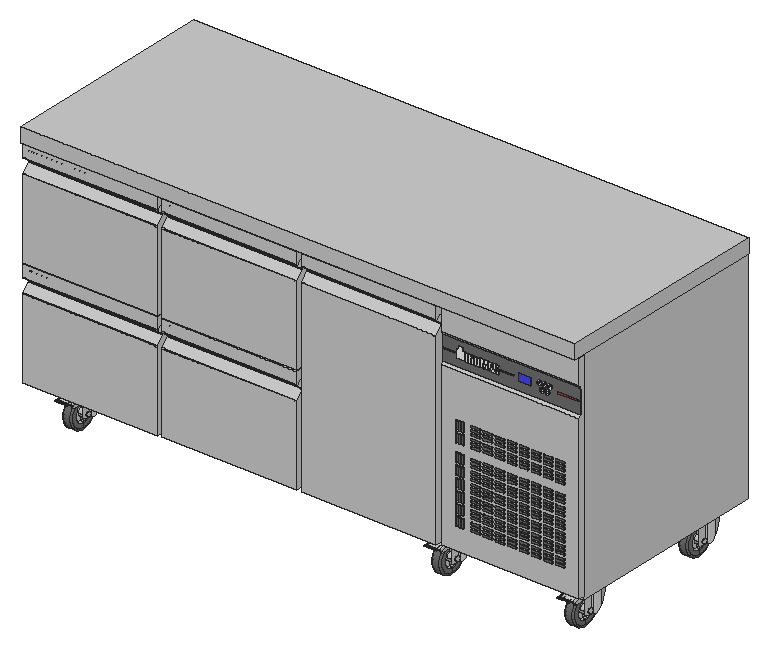
Revit family "QF_INOMAK_PNRP999_250513024609", category Specialty Equipment, Revit 2021 (continued)
Definition of nested family "QF_INOMAK_REF_COUNTERS_1790_2920"
  Definition of nested family "QF_INOMAK_CONRTOL-PANEL"
    Forms (mm)
      Extrusion 1, solid
        sketch origin (-2240, -700, 0) x (-1, 0, 0) y (0, 0, 1)
          loop
            arc (-2035.4, 210.855) -> (-2038.4, 207.855) -> (-2035.4, 204.855) r 3
            line (-2035.4, 204.855) -> (-2011.4, 204.855)
            arc (-2011.4, 204.855) -> (-2008.4, 207.855) -> (-2011.4, 210.855) r 3
            line (-2011.4, 210.855) -> (-2035.4, 210.855)
          loop
            arc (-1996.4, 210.855) -> (-1999.4, 207.855) -> (-1996.4, 204.855) r 3
            line (-1996.4, 204.855) -> (-1972.4, 204.855)
            arc (-1972.4, 204.855) -> (-1969.4, 207.855) -> (-1972.4, 210.855) r 3
            line (-1972.4, 210.855) -> (-1996.4, 210.855)
          loop
            arc (-1957.4, 210.855) -> (-1960.4, 207.855) -> (-1957.4, 204.855) r 3
            line (-1957.4, 204.855) -> (-1933.4, 204.855)
            arc (-1933.4, 204.855) -> (-1930.4, 207.855) -> (-1933.4, 210.855) r 3
            line (-1933.4, 210.855) -> (-1957.4, 210.855)
          loop
            arc (-1918.4, 210.855) -> (-1921.4, 207.855) -> (-1918.4, 204.855) r 3
            line (-1918.4, 204.855) -> (-1894.4, 204.855)
            arc (-1894.4, 204.855) -> (-1891.4, 207.855) -> (-1894.4, 210.855) r 3
            line (-1894.4, 210.855) -> (-1918.4, 210.855)
          loop
            arc (-2191.4, 199.855) -> (-2194.4, 196.855) -> (-2191.4, 193.855) r 3
            line (-2191.4, 193.855) -> (-2167.4, 193.855)
            arc (-2167.4, 193.855) -> (-2164.4, 196.855) -> (-2167.4, 199.855) r 3
            line (-2167.4, 199.855) -> (-2191.4, 199.855)
          loop
            arc (-2152.4, 199.855) -> (-2155.4, 196.855) -> (-2152.4, 193.855) r 3
            line (-2152.4, 193.855) -> (-2128.4, 193.855)
            arc (-2128.4, 193.855) -> (-2125.4, 196.855) -> (-2128.4, 199.855) r 3
            line (-2128.4, 199.855) -> (-2152.4, 199.855)
          loop
            arc (-2113.4, 199.855) -> (-2116.4, 196.855) -> (-2113.4, 193.855) r 3
            line (-2113.4, 193.855) -> (-2089.4, 193.855)
            arc (-2089.4, 193.855) -> (-2086.4, 196.855) -> (-2089.4, 199.855) r 3
            line (-2089.4, 199.855) -> (-2113.4, 199.855)
          loop
            arc (-2074.4, 199.855) -> (-2077.4, 196.855) -> (-2074.4, 193.855) r 3
            line (-2074.4, 193.855) -> (-2050.4, 193.855)
            arc (-2050.4, 193.855) -> (-2047.4, 196.855) -> (-2050.4, 199.855) r 3
            line (-2050.4, 199.855) -> (-2074.4, 199.855)
          loop
            arc (-2035.4, 199.855) -> (-2038.4, 196.855) -> (-2035.4, 193.855) r 3
            line (-2035.4, 193.855) -> (-2011.4, 193.855)
            arc (-2011.4, 193.855) -> (-2008.4, 196.855) -> (-2011.4, 199.855) r 3
            line (-2011.4, 199.855) -> (-2035.4, 199.855)
          loop
            arc (-1996.4, 199.855) -> (-1999.4, 196.855) -> (-1996.4, 193.855) r 3
            line (-1996.4, 193.855) -> (-1972.4, 193.855)
            arc (-1972.4, 193.855) -> (-1969.4, 196.855) -> (-1972.4, 199.855) r 3
            line (-1972.4, 199.855) -> (-1996.4, 199.855)
          loop
            arc (-1957.4, 199.855) -> (-1960.4, 196.855) -> (-1957.4, 193.855) r 3
            line (-1957.4, 193.855) -> (-1933.4, 193.855)
            arc (-1933.4, 193.855) -> (-1930.4, 196.855) -> (-1933.4, 199.855) r 3
            line (-1933.4, 199.855) -> (-1957.4, 199.855)
          loop
            arc (-1918.4, 199.855) -> (-1921.4, 196.855) -> (-1918.4, 193.855) r 3
            line (-1918.4, 193.855) -> (-1894.4, 193.855)
            arc (-1894.4, 193.855) -> (-1891.4, 196.855) -> (-1894.4, 199.855) r 3
            line (-1894.4, 199.855) -> (-1918.4, 199.855)
          loop
            arc (-2191.4, 184.855) -> (-2194.4, 181.855) -> (-2191.4, 178.855) r 3
            line (-2191.4, 178.855) -> (-2167.4, 178.855)
            arc (-2167.4, 178.855) -> (-2164.4, 181.855) -> (-2167.4, 184.855) r 3
            line (-2167.4, 184.855) -> (-2191.4, 184.855)
          loop
            arc (-2152.4, 184.855) -> (-2155.4, 181.855) -> (-2152.4, 178.855) r 3
            line (-2152.4, 178.855) -> (-2128.4, 178.855)
            arc (-2128.4, 178.855) -> (-2125.4, 181.855) -> (-2128.4, 184.855) r 3
            line (-2128.4, 184.855) -> (-2152.4, 184.855)
          loop
            arc (-2113.4, 184.855) -> (-2116.4, 181.855) -> (-2113.4, 178.855) r 3
            line (-2113.4, 178.855) -> (-2089.4, 178.855)
            arc (-2089.4, 178.855) -> (-2086.4, 181.855) -> (-2089.4, 184.855) r 3
            line (-2089.4, 184.855) -> (-2113.4, 184.855)
          loop
            arc (-2074.4, 184.855) -> (-2077.4, 181.855) -> (-2074.4, 178.855) r 3
            line (-2074.4, 178.855) -> (-2050.4, 178.855)
            arc (-2050.4, 178.855) -> (-2047.4, 181.855) -> (-2050.4, 184.855) r 3
            line (-2050.4, 184.855) -> (-2074.4, 184.855)
          loop
            arc (-2035.4, 184.855) -> (-2038.4, 181.855) -> (-2035.4, 178.855) r 3
            line (-2035.4, 178.855) -> (-2011.4, 178.855)
            arc (-2011.4, 178.855) -> (-2008.4, 181.855) -> (-2011.4, 184.855) r 3
            line (-2011.4, 184.855) -> (-2035.4, 184.855)
          loop
            arc (-1996.4, 184.855) -> (-1999.4, 181.855) -> (-1996.4, 178.855) r 3
            line (-1996.4, 178.855) -> (-1972.4, 178.855)
            arc (-1972.4, 178.855) -> (-1969.4, 181.855) -> (-1972.4, 184.855) r 3
            line (-1972.4, 184.855) -> (-1996.4, 184.855)
          loop
            arc (-1957.4, 184.855) -> (-1960.4, 181.855) -> (-1957.4, 178.855) r 3
            line (-1957.4, 178.855) -> (-1933.4, 178.855)
            arc (-1933.4, 178.855) -> (-1930.4, 181.855) -> (-1933.4, 184.855) r 3
            line (-1933.4, 184.855) -> (-1957.4, 184.855)
          loop
            arc (-1918.4, 184.855) -> (-1921.4, 181.855) -> (-1918.4, 178.855) r 3
            line (-1918.4, 178.855) -> (-1894.4, 178.855)
            arc (-1894.4, 178.855) -> (-1891.4, 181.855) -> (-1894.4, 184.855) r 3
            line (-1894.4, 184.855) -> (-1918.4, 184.855)
          loop
            arc (-2191.4, 173.855) -> (-2194.4, 170.855) -> (-2191.4, 167.855) r 3
            line (-2191.4, 167.855) -> (-2167.4, 167.855)
            arc (-2167.4, 167.855) -> (-2164.4, 170.855) -> (-2167.4, 173.855) r 3
            line (-2167.4, 173.855) -> (-2191.4, 173.855)
          loop
            arc (-2152.4, 173.855) -> (-2155.4, 170.855) -> (-2152.4, 167.855) r 3
            line (-2152.4, 167.855) -> (-2128.4, 167.855)
            arc (-2128.4, 167.855) -> (-2125.4, 170.855) -> (-2128.4, 173.855) r 3
            line (-2128.4, 173.855) -> (-2152.4, 173.855)
          loop
            arc (-2113.4, 173.855) -> (-2116.4, 170.855) -> (-2113.4, 167.855) r 3
            line (-2113.4, 167.855) -> (-2089.4, 167.855)
            arc (-2089.4, 167.855) -> (-2086.4, 170.855) -> (-2089.4, 173.855) r 3
            line (-2089.4, 173.855) -> (-2113.4, 173.855)
          loop
            arc (-2074.4, 173.855) -> (-2077.4, 170.855) -> (-2074.4, 167.855) r 3
            line (-2074.4, 167.855) -> (-2050.4, 167.855)
            arc (-2050.4, 167.855) -> (-2047.4, 170.855) -> (-2050.4, 173.855) r 3
            line (-2050.4, 173.855) -> (-2074.4, 173.855)
          loop
            arc (-2035.4, 173.855) -> (-2038.4, 170.855) -> (-2035.4, 167.855) r 3
            line (-2035.4, 167.855) -> (-2011.4, 167.855)
            arc (-2011.4, 167.855) -> (-2008.4, 170.855) -> (-2011.4, 173.855) r 3
            line (-2011.4, 173.855) -> (-2035.4, 173.855)
          loop
            arc (-1996.4, 173.855) -> (-1999.4, 170.855) -> (-1996.4, 167.855) r 3
            line (-1996.4, 167.855) -> (-1972.4, 167.855)
            arc (-1972.4, 167.855) -> (-1969.4, 170.855) -> (-1972.4, 173.855) r 3
            line (-1972.4, 173.855) -> (-1996.4, 173.855)
          loop
            arc (-1957.4, 173.855) -> (-1960.4, 170.855) -> (-1957.4, 167.855) r 3
            line (-1957.4, 167.855) -> (-1933.4, 167.855)
            arc (-1933.4, 167.855) -> (-1930.4, 170.855) -> (-1933.4, 173.855) r 3
            line (-1933.4, 173.855) -> (-1957.4, 173.855)
          loop
            arc (-1918.4, 173.855) -> (-1921.4, 170.855) -> (-1918.4, 167.855) r 3
            line (-1918.4, 167.855) -> (-1894.4, 167.855)
            arc (-1894.4, 167.855) -> (-1891.4, 170.855) -> (-1894.4, 173.855) r 3
            line (-1894.4, 173.855) -> (-1918.4, 173.855)
          loop
            arc (-2191.4, 162.855) -> (-2194.4, 159.855) -> (-2191.4, 156.855) r 3
            line (-2191.4, 156.855) -> (-2167.4, 156.855)
            arc (-2167.4, 156.855) -> (-2164.4, 159.855) -> (-2167.4, 162.855) r 3
            line (-2167.4, 162.855) -> (-2191.4, 162.855)
          loop
            arc (-2152.4, 162.855) -> (-2155.4, 159.855) -> (-2152.4, 156.855) r 3
            line (-2152.4, 156.855) -> (-2128.4, 156.855)
            arc (-2128.4, 156.855) -> (-2125.4, 159.855) -> (-2128.4, 162.855) r 3
            line (-2128.4, 162.855) -> (-2152.4, 162.855)
          loop
            arc (-2113.4, 162.855) -> (-2116.4, 159.855) -> (-2113.4, 156.855) r 3
            line (-2113.4, 156.855) -> (-2089.4, 156.855)
            arc (-2089.4, 156.855) -> (-2086.4, 159.855) -> (-2089.4, 162.855) r 3
            line (-2089.4, 162.855) -> (-2113.4, 162.855)
          loop
            arc (-2074.4, 162.855) -> (-2077.4, 159.855) -> (-2074.4, 156.855) r 3
            line (-2074.4, 156.855) -> (-2050.4, 156.855)
            arc (-2050.4, 156.855) -> (-2047.4, 159.855) -> (-2050.4, 162.855) r 3
            line (-2050.4, 162.855) -> (-2074.4, 162.855)
          loop
            arc (-2035.4, 162.855) -> (-2038.4, 159.855) -> (-2035.4, 156.855) r 3
            line (-2035.4, 156.855) -> (-2011.4, 156.855)
            arc (-2011.4, 156.855) -> (-2008.4, 159.855) -> (-2011.4, 162.855) r 3
            line (-2011.4, 162.855) -> (-2035.4, 162.855)
          loop
            arc (-1996.4, 162.855) -> (-1999.4, 159.855) -> (-1996.4, 156.855) r 3
            line (-1996.4, 156.855) -> (-1972.4, 156.855)
            arc (-1972.4, 156.855) -> (-1969.4, 159.855) -> (-1972.4, 162.855) r 3
            line (-1972.4, 162.855) -> (-1996.4, 162.855)
          loop
            arc (-1957.4, 162.855) -> (-1960.4, 159.855) -> (-1957.4, 156.855) r 3
            line (-1957.4, 156.855) -> (-1933.4, 156.855)
            arc (-1933.4, 156.855) -> (-1930.4, 159.855) -> (-1933.4, 162.855) r 3
            line (-1933.4, 162.855) -> (-1957.4, 162.855)
          loop
            arc (-1918.4, 162.855) -> (-1921.4, 159.855) -> (-1918.4, 156.855) r 3
            line (-1918.4, 156.855) -> (-1894.4, 156.855)
            arc (-1894.4, 156.855) -> (-1891.4, 159.855) -> (-1894.4, 162.855) r 3
            line (-1894.4, 162.855) -> (-1918.4, 162.855)
          loop
            arc (-2191.4, 147.855) -> (-2194.4, 144.855) -> (-2191.4, 141.855) r 3
            line (-2191.4, 141.855) -> (-2167.4, 141.855)
            arc (-2167.4, 141.855) -> (-2164.4, 144.855) -> (-2167.4, 147.855) r 3
            line (-2167.4, 147.855) -> (-2191.4, 147.855)
          loop
            arc (-2152.4, 147.855) -> (-2155.4, 144.855) -> (-2152.4, 141.855) r 3
            line (-2152.4, 141.855) -> (-2128.4, 141.855)
            arc (-2128.4, 141.855) -> (-2125.4, 144.855) -> (-2128.4, 147.855) r 3
            line (-2128.4, 147.855) -> (-2152.4, 147.855)
          loop
            arc (-2113.4, 147.855) -> (-2116.4, 144.855) -> (-2113.4, 141.855) r 3
            line (-2113.4, 141.855) -> (-2089.4, 141.855)
            arc (-2089.4, 141.855) -> (-2086.4, 144.855) -> (-2089.4, 147.855) r 3
            line (-2089.4, 147.855) -> (-2113.4, 147.855)
          loop
            arc (-2074.4, 147.855) -> (-2077.4, 144.855) -> (-2074.4, 141.855) r 3
            line (-2074.4, 141.855) -> (-2050.4, 141.855)
            arc (-2050.4, 141.855) -> (-2047.4, 144.855) -> (-2050.4, 147.855) r 3
            line (-2050.4, 147.855) -> (-2074.4, 147.855)
          loop
            arc (-2035.4, 147.855) -> (-2038.4, 144.855) -> (-2035.4, 141.855) r 3
            line (-2035.4, 141.855) -> (-2011.4, 141.855)
            arc (-2011.4, 141.855) -> (-2008.4, 144.855) -> (-2011.4, 147.855) r 3
            line (-2011.4, 147.855) -> (-2035.4, 147.855)
          loop
            arc (-1996.4, 147.855) -> (-1999.4, 144.855) -> (-1996.4, 141.855) r 3
            line (-1996.4, 141.855) -> (-1972.4, 141.855)
            arc (-1972.4, 141.855) -> (-1969.4, 144.855) -> (-1972.4, 147.855) r 3
            line (-1972.4, 147.855) -> (-1996.4, 147.855)
          loop
            arc (-1957.4, 147.855) -> (-1960.4, 144.855) -> (-1957.4, 141.855) r 3
            line (-1957.4, 141.855) -> (-1933.4, 141.855)
            arc (-1933.4, 141.855) -> (-1930.4, 144.855) -> (-1933.4, 147.855) r 3
            line (-1933.4, 147.855) -> (-1957.4, 147.855)
          loop
            arc (-1918.4, 147.855) -> (-1921.4, 144.855) -> (-1918.4, 141.855) r 3
            line (-1918.4, 141.855) -> (-1894.4, 141.855)
            arc (-1894.4, 141.855) -> (-1891.4, 144.855) -> (-1894.4, 147.855) r 3
            line (-1894.4, 147.855) -> (-1918.4, 147.855)
          loop
            arc (-2191.4, 136.855) -> (-2194.4, 133.855) -> (-2191.4, 130.855) r 3
            line (-2191.4, 130.855) -> (-2167.4, 130.855)
            arc (-2167.4, 130.855) -> (-2164.4, 133.855) -> (-2167.4, 136.855) r 3
            line (-2167.4, 136.855) -> (-2191.4, 136.855)
          loop
            arc (-2152.4, 136.855) -> (-2155.4, 133.855) -> (-2152.4, 130.855) r 3
            line (-2152.4, 130.855) -> (-2128.4, 130.855)
            arc (-2128.4, 130.855) -> (-2125.4, 133.855) -> (-2128.4, 136.855) r 3
            line (-2128.4, 136.855) -> (-2152.4, 136.855)
          loop
            arc (-2113.4, 136.855) -> (-2116.4, 133.855) -> (-2113.4, 130.855) r 3
            line (-2113.4, 130.855) -> (-2089.4, 130.855)
            arc (-2089.4, 130.855) -> (-2086.4, 133.855) -> (-2089.4, 136.855) r 3
            line (-2089.4, 136.855) -> (-2113.4, 136.855)
          loop
            arc (-2074.4, 136.855) -> (-2077.4, 133.855) -> (-2074.4, 130.855) r 3
            line (-2074.4, 130.855) -> (-2050.4, 130.855)
            arc (-2050.4, 130.855) -> (-2047.4, 133.855) -> (-2050.4, 136.855) r 3
            line (-2050.4, 136.855) -> (-2074.4, 136.855)
          loop
            arc (-2035.4, 136.855) -> (-2038.4, 133.855) -> (-2035.4, 130.855) r 3
            line (-2035.4, 130.855) -> (-2011.4, 130.855)
            arc (-2011.4, 130.855) -> (-2008.4, 133.855) -> (-2011.4, 136.855) r 3
            line (-2011.4, 136.855) -> (-2035.4, 136.855)
          loop
            arc (-1996.4, 136.855) -> (-1999.4, 133.855) -> (-1996.4, 130.855) r 3
            line (-1996.4, 130.855) -> (-1972.4, 130.855)
            arc (-1972.4, 130.855) -> (-1969.4, 133.855) -> (-1972.4, 136.855) r 3
            line (-1972.4, 136.855) -> (-1996.4, 136.855)
          loop
            arc (-1957.4, 136.855) -> (-1960.4, 133.855) -> (-1957.4, 130.855) r 3
            line (-1957.4, 130.855) -> (-1933.4, 130.855)
            arc (-1933.4, 130.855) -> (-1930.4, 133.855) -> (-1933.4, 136.855) r 3
            line (-1933.4, 136.855) -> (-1957.4, 136.855)
          loop
            arc (-1918.4, 136.855) -> (-1921.4, 133.855) -> (-1918.4, 130.855) r 3
            line (-1918.4, 130.855) -> (-1894.4, 130.855)
            arc (-1894.4, 130.855) -> (-1891.4, 133.855) -> (-1894.4, 136.855) r 3
            line (-1894.4, 136.855) -> (-1918.4, 136.855)
          loop
            arc (-2191.4, 125.855) -> (-2194.4, 122.855) -> (-2191.4, 119.855) r 3
            line (-2191.4, 119.855) -> (-2167.4, 119.855)
            arc (-2167.4, 119.855) -> (-2164.4, 122.855) -> (-2167.4, 125.855) r 3
            line (-2167.4, 125.855) -> (-2191.4, 125.855)
          loop
            arc (-2152.4, 125.855) -> (-2155.4, 122.855) -> (-2152.4, 119.855) r 3
            line (-2152.4, 119.855) -> (-2128.4, 119.855)
            arc (-2128.4, 119.855) -> (-2125.4, 122.855) -> (-2128.4, 125.855) r 3
            line (-2128.4, 125.855) -> (-2152.4, 125.855)
          loop
            arc (-2113.4, 125.855) -> (-2116.4, 122.855) -> (-2113.4, 119.855) r 3
            line (-2113.4, 119.855) -> (-2089.4, 119.855)
            arc (-2089.4, 119.855) -> (-2086.4, 122.855) -> (-2089.4, 125.855) r 3
            line (-2089.4, 125.855) -> (-2113.4, 125.855)
          loop
            arc (-2074.4, 125.855) -> (-2077.4, 122.855) -> (-2074.4, 119.855) r 3
            line (-2074.4, 119.855) -> (-2050.4, 119.855)
            arc (-2050.4, 119.855) -> (-2047.4, 122.855) -> (-2050.4, 125.855) r 3
            line (-2050.4, 125.855) -> (-2074.4, 125.855)
          loop
            arc (-2035.4, 125.855) -> (-2038.4, 122.855) -> (-2035.4, 119.855) r 3
            line (-2035.4, 119.855) -> (-2011.4, 119.855)
            arc (-2011.4, 119.855) -> (-2008.4, 122.855) -> (-2011.4, 125.855) r 3
            line (-2011.4, 125.855) -> (-2035.4, 125.855)
          loop
            arc (-1996.4, 125.855) -> (-1999.4, 122.855) -> (-1996.4, 119.855) r 3
            line (-1996.4, 119.855) -> (-1972.4, 119.855)
            arc (-1972.4, 119.855) -> (-1969.4, 122.855) -> (-1972.4, 125.855) r 3
            line (-1972.4, 125.855) -> (-1996.4, 125.855)
          loop
            arc (-1957.4, 125.855) -> (-1960.4, 122.855) -> (-1957.4, 119.855) r 3
            line (-1957.4, 119.855) -> (-1933.4, 119.855)
            arc (-1933.4, 119.855) -> (-1930.4, 122.855) -> (-1933.4, 125.855) r 3
            line (-1933.4, 125.855) -> (-1957.4, 125.855)
          loop
            arc (-1918.4, 125.855) -> (-1921.4, 122.855) -> (-1918.4, 119.855) r 3
            line (-1918.4, 119.855) -> (-1894.4, 119.855)
            arc (-1894.4, 119.855) -> (-1891.4, 122.855) -> (-1894.4, 125.855) r 3
            line (-1894.4, 125.855) -> (-1918.4, 125.855)
          loop
            arc (-2191.4, 110.855) -> (-2194.4, 107.855) -> (-2191.4, 104.855) r 3
            line (-2191.4, 104.855) -> (-2167.4, 104.855)
            arc (-2167.4, 104.855) -> (-2164.4, 107.855) -> (-2167.4, 110.855) r 3
            line (-2167.4, 110.855) -> (-2191.4, 110.855)
          loop
            arc (-2152.4, 110.855) -> (-2155.4, 107.855) -> (-2152.4, 104.855) r 3
            line (-2152.4, 104.855) -> (-2128.4, 104.855)
            arc (-2128.4, 104.855) -> (-2125.4, 107.855) -> (-2128.4, 110.855) r 3
            line (-2128.4, 110.855) -> (-2152.4, 110.855)
          loop
            arc (-2113.4, 110.855) -> (-2116.4, 107.855) -> (-2113.4, 104.855) r 3
            line (-2113.4, 104.855) -> (-2089.4, 104.855)
            arc (-2089.4, 104.855) -> (-2086.4, 107.855) -> (-2089.4, 110.855) r 3
            line (-2089.4, 110.855) -> (-2113.4, 110.855)
          loop
            arc (-2074.4, 110.855) -> (-2077.4, 107.855) -> (-2074.4, 104.855) r 3
            line (-2074.4, 104.855) -> (-2050.4, 104.855)
            arc (-2050.4, 104.855) -> (-2047.4, 107.855) -> (-2050.4, 110.855) r 3
            line (-2050.4, 110.855) -> (-2074.4, 110.855)
          loop
            arc (-2035.4, 110.855) -> (-2038.4, 107.855) -> (-2035.4, 104.855) r 3
            line (-2035.4, 104.855) -> (-2011.4, 104.855)
            arc (-2011.4, 104.855) -> (-2008.4, 107.855) -> (-2011.4, 110.855) r 3
            line (-2011.4, 110.855) -> (-2035.4, 110.855)
          loop
            arc (-1996.4, 110.855) -> (-1999.4, 107.855) -> (-1996.4, 104.855) r 3
            line (-1996.4, 104.855) -> (-1972.4, 104.855)
            arc (-1972.4, 104.855) -> (-1969.4, 107.855) -> (-1972.4, 110.855) r 3
            line (-1972.4, 110.855) -> (-1996.4, 110.855)
          loop
            arc (-1957.4, 110.855) -> (-1960.4, 107.855) -> (-1957.4, 104.855) r 3
            line (-1957.4, 104.855) -> (-1933.4, 104.855)
            arc (-1933.4, 104.855) -> (-1930.4, 107.855) -> (-1933.4, 110.855) r 3
            line (-1933.4, 110.855) -> (-1957.4, 110.855)
          loop
            arc (-1918.4, 110.855) -> (-1921.4, 107.855) -> (-1918.4, 104.855) r 3
            line (-1918.4, 104.855) -> (-1894.4, 104.855)
            arc (-1894.4, 104.855) -> (-1891.4, 107.855) -> (-1894.4, 110.855) r 3
            line (-1894.4, 110.855) -> (-1918.4, 110.855)
          loop
            arc (-2191.4, 99.855) -> (-2194.4, 96.855) -> (-2191.4, 93.855) r 3
            line (-2191.4, 93.855) -> (-2167.4, 93.855)
            arc (-2167.4, 93.855) -> (-2164.4, 96.855) -> (-2167.4, 99.855) r 3
            line (-2167.4, 99.855) -> (-2191.4, 99.855)
          loop
            arc (-2152.4, 99.855) -> (-2155.4, 96.855) -> (-2152.4, 93.855) r 3
            line (-2152.4, 93.855) -> (-2128.4, 93.855)
            arc (-2128.4, 93.855) -> (-2125.4, 96.855) -> (-2128.4, 99.855) r 3
            line (-2128.4, 99.855) -> (-2152.4, 99.855)
          loop
            arc (-2113.4, 99.855) -> (-2116.4, 96.855) -> (-2113.4, 93.855) r 3
            line (-2113.4, 93.855) -> (-2089.4, 93.855)
            arc (-2089.4, 93.855) -> (-2086.4, 96.855) -> (-2089.4, 99.855) r 3
            line (-2089.4, 99.855) -> (-2113.4, 99.855)
          loop
            arc (-2074.4, 99.855) -> (-2077.4, 96.855) -> (-2074.4, 93.855) r 3
            line (-2074.4, 93.855) -> (-2050.4, 93.855)
            arc (-2050.4, 93.855) -> (-2047.4, 96.855) -> (-2050.4, 99.855) r 3
            line (-2050.4, 99.855) -> (-2074.4, 99.855)
          loop
            arc (-2035.4, 99.855) -> (-2038.4, 96.855) -> (-2035.4, 93.855) r 3
            line (-2035.4, 93.855) -> (-2011.4, 93.855)
            arc (-2011.4, 93.855) -> (-2008.4, 96.855) -> (-2011.4, 99.855) r 3
            line (-2011.4, 99.855) -> (-2035.4, 99.855)
          loop
            arc (-1996.4, 99.855) -> (-1999.4, 96.855) -> (-1996.4, 93.855) r 3
            line (-1996.4, 93.855) -> (-1972.4, 93.855)
            arc (-1972.4, 93.855) -> (-1969.4, 96.855) -> (-1972.4, 99.855) r 3
            line (-1972.4, 99.855) -> (-1996.4, 99.855)
          loop
            arc (-1957.4, 99.855) -> (-1960.4, 96.855) -> (-1957.4, 93.855) r 3
            line (-1957.4, 93.855) -> (-1933.4, 93.855)
            arc (-1933.4, 93.855) -> (-1930.4, 96.855) -> (-1933.4, 99.855) r 3
            line (-1933.4, 99.855) -> (-1957.4, 99.855)
          loop
            arc (-1918.4, 99.855) -> (-1921.4, 96.855) -> (-1918.4, 93.855) r 3
            line (-1918.4, 93.855) -> (-1894.4, 93.855)
            arc (-1894.4, 93.855) -> (-1891.4, 96.855) -> (-1894.4, 99.855) r 3
            line (-1894.4, 99.855) -> (-1918.4, 99.855)
          loop
            arc (-2191.4, 88.855) -> (-2194.4, 85.855) -> (-2191.4, 82.855) r 3
            line (-2191.4, 82.855) -> (-2167.4, 82.855)
            arc (-2167.4, 82.855) -> (-2164.4, 85.855) -> (-2167.4, 88.855) r 3
            line (-2167.4, 88.855) -> (-2191.4, 88.855)
          loop
            arc (-2152.4, 88.855) -> (-2155.4, 85.855) -> (-2152.4, 82.855) r 3
            line (-2152.4, 82.855) -> (-2128.4, 82.855)
            arc (-2128.4, 82.855) -> (-2125.4, 85.855) -> (-2128.4, 88.855) r 3
            line (-2128.4, 88.855) -> (-2152.4, 88.855)
          loop
            arc (-2113.4, 88.855) -> (-2116.4, 85.855) -> (-2113.4, 82.855) r 3
            line (-2113.4, 82.855) -> (-2089.4, 82.855)
            arc (-2089.4, 82.855) -> (-2086.4, 85.855) -> (-2089.4, 88.855) r 3
            line (-2089.4, 88.855) -> (-2113.4, 88.855)
          loop
            arc (-2074.4, 88.855) -> (-2077.4, 85.855) -> (-2074.4, 82.855) r 3
            line (-2074.4, 82.855) -> (-2050.4, 82.855)
            arc (-2050.4, 82.855) -> (-2047.4, 85.855) -> (-2050.4, 88.855) r 3
            line (-2050.4, 88.855) -> (-2074.4, 88.855)
          loop
            arc (-2035.4, 88.855) -> (-2038.4, 85.855) -> (-2035.4, 82.855) r 3
            line (-2035.4, 82.855) -> (-2011.4, 82.855)
            arc (-2011.4, 82.855) -> (-2008.4, 85.855) -> (-2011.4, 88.855) r 3
            line (-2011.4, 88.855) -> (-2035.4, 88.855)
          loop
            arc (-1996.4, 88.855) -> (-1999.4, 85.855) -> (-1996.4, 82.855) r 3
            line (-1996.4, 82.855) -> (-1972.4, 82.855)
            arc (-1972.4, 82.855) -> (-1969.4, 85.855) -> (-1972.4, 88.855) r 3
            line (-1972.4, 88.855) -> (-1996.4, 88.855)
          loop
            arc (-1957.4, 88.855) -> (-1960.4, 85.855) -> (-1957.4, 82.855) r 3
            line (-1957.4, 82.855) -> (-1933.4, 82.855)
            arc (-1933.4, 82.855) -> (-1930.4, 85.855) -> (-1933.4, 88.855) r 3
            line (-1933.4, 88.855) -> (-1957.4, 88.855)
          loop
            arc (-1918.4, 88.855) -> (-1921.4, 85.855) -> (-1918.4, 82.855) r 3
            line (-1918.4, 82.855) -> (-1894.4, 82.855)
            arc (-1894.4, 82.855) -> (-1891.4, 85.855) -> (-1894.4, 88.855) r 3
            line (-1894.4, 88.855) -> (-1918.4, 88.855)
          loop
            arc (-1840.4, 387.855) -> (-1843.4, 390.855) -> (-1846.4, 387.855) r 3
            line (-1846.4, 387.855) -> (-1846.4, 363.855)
            arc (-1846.4, 363.855) -> (-1843.4, 360.855) -> (-1840.4, 363.855) r 3
            line (-1840.4, 363.855) -> (-1840.4, 387.855)
          loop
            arc (-1851.4, 387.855) -> (-1854.4, 390.855) -> (-1857.4, 387.855) r 3
            line (-1857.4, 387.855) -> (-1857.4, 363.855)
            arc (-1857.4, 363.855) -> (-1854.4, 360.855) -> (-1851.4, 363.855) r 3
            line (-1851.4, 363.855) -> (-1851.4, 387.855)
          loop
            arc (-1862.4, 387.855) -> (-1865.4, 390.855) -> (-1868.4, 387.855) r 3
            line (-1868.4, 387.855) -> (-1868.4, 363.855)
            arc (-1868.4, 363.855) -> (-1865.4, 360.855) -> (-1862.4, 363.855) r 3
            line (-1862.4, 363.855) -> (-1862.4, 387.855)
          loop
            arc (-1840.4, 350.855) -> (-1843.4, 353.855) -> (-1846.4, 350.855) r 3
            line (-1846.4, 350.855) -> (-1846.4, 326.855)
            arc (-1846.4, 326.855) -> (-1843.4, 323.855) -> (-1840.4, 326.855) r 3
            line (-1840.4, 326.855) -> (-1840.4, 350.855)
          loop
            arc (-1851.4, 350.855) -> (-1854.4, 353.855) -> (-1857.4, 350.855) r 3
            line (-1857.4, 350.855) -> (-1857.4, 326.855)
            arc (-1857.4, 326.855) -> (-1854.4, 323.855) -> (-1851.4, 326.855) r 3
            line (-1851.4, 326.855) -> (-1851.4, 350.855)
          loop
            arc (-1862.4, 350.855) -> (-1865.4, 353.855) -> (-1868.4, 350.855) r 3
            line (-1868.4, 350.855) -> (-1868.4, 326.855)
            arc (-1868.4, 326.855) -> (-1865.4, 323.855) -> (-1862.4, 326.855) r 3
            line (-1862.4, 326.855) -> (-1862.4, 350.855)
          loop
            arc (-1840.4, 293.855) -> (-1843.4, 296.855) -> (-1846.4, 293.855) r 3
            line (-1846.4, 293.855) -> (-1846.4, 269.855)
            arc (-1846.4, 269.855) -> (-1843.4, 266.855) -> (-1840.4, 269.855) r 3
            line (-1840.4, 269.855) -> (-1840.4, 293.855)
          loop
            arc (-1851.4, 293.855) -> (-1854.4, 296.855) -> (-1857.4, 293.855) r 3
            line (-1857.4, 293.855) -> (-1857.4, 269.855)
            arc (-1857.4, 269.855) -> (-1854.4, 266.855) -> (-1851.4, 269.855) r 3
            line (-1851.4, 269.855) -> (-1851.4, 293.855)
          loop
            arc (-1862.4, 293.855) -> (-1865.4, 296.855) -> (-1868.4, 293.855) r 3
            line (-1868.4, 293.855) -> (-1868.4, 269.855)
            arc (-1868.4, 269.855) -> (-1865.4, 266.855) -> (-1862.4, 269.855) r 3
            line (-1862.4, 269.855) -> (-1862.4, 293.855)
          loop
            arc (-1840.4, 256.855) -> (-1843.4, 259.855) -> (-1846.4, 256.855) r 3
            line (-1846.4, 256.855) -> (-1846.4, 232.855)
            arc (-1846.4, 232.855) -> (-1843.4, 229.855) -> (-1840.4, 232.855) r 3
            line (-1840.4, 232.855) -> (-1840.4, 256.855)
          loop
            arc (-1851.4, 256.855) -> (-1854.4, 259.855) -> (-1857.4, 256.855) r 3
            line (-1857.4, 256.855) -> (-1857.4, 232.855)
            arc (-1857.4, 232.855) -> (-1854.4, 229.855) -> (-1851.4, 232.855) r 3
            line (-1851.4, 232.855) -> (-1851.4, 256.855)
          loop
            arc (-1862.4, 256.855) -> (-1865.4, 259.855) -> (-1868.4, 256.855) r 3
            line (-1868.4, 256.855) -> (-1868.4, 232.855)
            arc (-1868.4, 232.855) -> (-1865.4, 229.855) -> (-1862.4, 232.855) r 3
            line (-1862.4, 232.855) -> (-1862.4, 256.855)
          loop
            arc (-1840.4, 219.855) -> (-1843.4, 222.855) -> (-1846.4, 219.855) r 3
            line (-1846.4, 219.855) -> (-1846.4, 195.855)
            arc (-1846.4, 195.855) -> (-1843.4, 192.855) -> (-1840.4, 195.855) r 3
            line (-1840.4, 195.855) -> (-1840.4, 219.855)
          loop
            arc (-1851.4, 219.855) -> (-1854.4, 222.855) -> (-1857.4, 219.855) r 3
            line (-1857.4, 219.855) -> (-1857.4, 195.855)
            arc (-1857.4, 195.855) -> (-1854.4, 192.855) -> (-1851.4, 195.855) r 3
            line (-1851.4, 195.855) -> (-1851.4, 219.855)
          loop
            arc (-1862.4, 219.855) -> (-1865.4, 222.855) -> (-1868.4, 219.855) r 3
            line (-1868.4, 219.855) -> (-1868.4, 195.855)
            arc (-1868.4, 195.855) -> (-1865.4, 192.855) -> (-1862.4, 195.855) r 3
            line (-1862.4, 195.855) -> (-1862.4, 219.855)
          loop
            arc (-1840.4, 182.855) -> (-1843.4, 185.855) -> (-1846.4, 182.855) r 3
            line (-1846.4, 182.855) -> (-1846.4, 158.855)
            arc (-1846.4, 158.855) -> (-1843.4, 155.855) -> (-1840.4, 158.855) r 3
            line (-1840.4, 158.855) -> (-1840.4, 182.855)
          loop
            arc (-1851.4, 182.855) -> (-1854.4, 185.855) -> (-1857.4, 182.855) r 3
            line (-1857.4, 182.855) -> (-1857.4, 158.855)
            arc (-1857.4, 158.855) -> (-1854.4, 155.855) -> (-1851.4, 158.855) r 3
            line (-1851.4, 158.855) -> (-1851.4, 182.855)
          loop
            arc (-1862.4, 182.855) -> (-1865.4, 185.855) -> (-1868.4, 182.855) r 3
            line (-1868.4, 182.855) -> (-1868.4, 158.855)
            arc (-1868.4, 158.855) -> (-1865.4, 155.855) -> (-1862.4, 158.855) r 3
            line (-1862.4, 158.855) -> (-1862.4, 182.855)
          loop
            arc (-1840.4, 145.855) -> (-1843.4, 148.855) -> (-1846.4, 145.855) r 3
            line (-1846.4, 145.855) -> (-1846.4, 121.855)
            arc (-1846.4, 121.855) -> (-1843.4, 118.855) -> (-1840.4, 121.855) r 3
            line (-1840.4, 121.855) -> (-1840.4, 145.855)
          loop
            arc (-1851.4, 145.855) -> (-1854.4, 148.855) -> (-1857.4, 145.855) r 3
            line (-1857.4, 145.855) -> (-1857.4, 121.855)
            arc (-1857.4, 121.855) -> (-1854.4, 118.855) -> (-1851.4, 121.855) r 3
            line (-1851.4, 121.855) -> (-1851.4, 145.855)
          loop
            arc (-1862.4, 145.855) -> (-1865.4, 148.855) -> (-1868.4, 145.855) r 3
            line (-1868.4, 145.855) -> (-1868.4, 121.855)
            arc (-1868.4, 121.855) -> (-1865.4, 118.855) -> (-1862.4, 121.855) r 3
            line (-1862.4, 121.855) -> (-1862.4, 145.855)
          loop
            arc (-1840.4, 108.855) -> (-1843.4, 111.855) -> (-1846.4, 108.855) r 3
            line (-1846.4, 108.855) -> (-1846.4, 84.855)
            arc (-1846.4, 84.855) -> (-1843.4, 81.855) -> (-1840.4, 84.855) r 3
            line (-1840.4, 84.855) -> (-1840.4, 108.855)
          loop
            arc (-1851.4, 108.855) -> (-1854.4, 111.855) -> (-1857.4, 108.855) r 3
            line (-1857.4, 108.855) -> (-1857.4, 84.855)
            arc (-1857.4, 84.855) -> (-1854.4, 81.855) -> (-1851.4, 84.855) r 3
            line (-1851.4, 84.855) -> (-1851.4, 108.855)
          loop
            arc (-1862.4, 108.855) -> (-1865.4, 111.855) -> (-1868.4, 108.855) r 3
            line (-1868.4, 108.855) -> (-1868.4, 84.855)
            arc (-1868.4, 84.855) -> (-1865.4, 81.855) -> (-1862.4, 84.855) r 3
            line (-1862.4, 84.855) -> (-1862.4, 108.855)
        from 16.5 to 19
    Dimensions and locks
      "Length": plane 3 "Left" to plane 4 "Right"
      "Depth": plane 5 "Front" to plane 1 "Back"
      "Front offset": plane 7 "Front offset" to plane 5 "Front"
      "Height": plane 6 "Top" to plane 2
      aligned and locked: level to plane 2
    Automatic sketch dimensions
      plane 4 "Right" to Extrusion 1 sketch curve = 48.6 mm  (x3)
      Extrusion 1 sketch curve to Extrusion 1 sketch curve = 0 mm  (x322)
      Extrusion 1 sketch curve to Extrusion 1 sketch curve = 24 mm  (x53)
      Extrusion 1 sketch curve to Extrusion 1 sketch curve = 15 mm  (x52)
      Extrusion 1 sketch curve to Extrusion 1 sketch curve = 26 mm  (x7)
      Extrusion 1 sketch curve to Extrusion 1 sketch curve = 3 mm  (x216)
      Extrusion 1 sketch curve to Extrusion 1 sketch curve = 5 mm  (x144)
      level to Extrusion 1 sketch curve = 82.855 mm  (x2)
      Extrusion 1 sketch curve to Extrusion 1 sketch curve = 2 mm
      Extrusion 1 sketch curve to Extrusion 1 sketch curve = 9 mm  (x48)
      Extrusion 1 sketch curve to Extrusion 1 sketch curve = 13 mm  (x9)
      Extrusion 1 sketch curve to Extrusion 1 sketch curve = 29 mm  (x6)
      Extrusion 1 sketch curve to Extrusion 1 sketch curve = 33 mm
Definition of nested family "QF_INOMAK_REF_COUNTERS_DOORS_DRAWERS_6956"
  Parameters (values of type "DR-LX-710")
    Weight [instance] = 0.00 kg
    Warranty Start Date [instance] = ""
    Warranty Duration [instance] = ""
    URL Cutsheet [instance] = ""
    URL = "www.inomak.com"
    Top inset [instance] = 10 mm
    Technical Documentation [instance] = ""
    Tag Number [instance] = ""
    Status [instance] = ""
    Specification by User [instance] = ""
    Specification by Manufacturer [instance] = ""
    Sound Level [instance] = ""
    Solid Fuel Type [instance] = ""
    Show Logo [instance] = yes
    Show Clearances [instance] = yes
    Service Life Duration [instance] = ""
    Serial Number [instance] = ""
    Seismic Rating [instance] = ""
    SMACNA No [instance] = ""
    Right panel thickness [instance] = 0 mm
    Revision Code [instance] = ""
    Revision [instance] = ""
    Rear inset [instance] = 0 mm
    Production Year [instance] = ""
    Point Load [instance] = 0
    Plinth height [instance] = 0 mm
    Other Equipment Approvals [instance] = ""
    NAFEM Spec ID Number [instance] = ""
    Model Warning [instance] = ""
    Model = "DR-LX-710"
    Masterspec [instance] = ""
    Manufacturer = "INOMAK"
    Length Actual [instance] = 435 mm
    Left panel thickness [instance] = 0 mm
    Item Number [instance] = ""
    Installed By [instance] = ""
    Installation Date [instance] = ""
    Identify Quantity as Lot [instance] = yes
    ID [instance] = ""
    Hygiene Approval [instance] = ""
    Height Actual [instance] = 710 mm
    Furnished By [instance] = ""
    Front inset [instance] = 10 mm
    Foodservice Equipment Identifier [instance] = yes
    Finish [instance] = none
    ETL Approved [instance] = yes
    Doors drawers type [instance] = 8
    Description = "LEFT HINGED DOOR"
    Depth Actual [instance] = 700 mm
    Default Elevation = 0 mm
    CSI MasterFormat [instance] = ""
    CE Approved [instance] = yes
    Bottom inset [instance] = 10 mm
    Barcode [instance] = ""
    Author [instance] = ""
    Asset Identifier [instance] = ""
    Assembly Code = "E1090320"
    Accessory [instance] = yes
  Types (9, lengths in mm): name | Model | Height Actual | Doors drawers type | Description
    DW-2-710 | "DW-2-710" | 710 | 4 | "2 X GN 1/2 DRAWERS"
    DR-LX-710 | "DR-LX-710" | 710 | 8 | "LEFT HINGED DOOR"
    DR-RX-710 | "DR-RX-710" | 710 | 9 | "RIGHT HINGED DOOR"
    DW-3-710 | "DW-3-710" | 710 | 6 | "3 X GN 1/3 DRAWERS"
    DW-B-710 | "DW-B-710" | 710 | 5 | "1 X GN 1/3 & 1 X GN 2/3 DRAWERS"
    DW-2-483 | "DW-2-483" | 483 | 4 | "2 X GN 1/3 DRAWERS"
    DR-LX-483 | "DR-LX-483" | 483 | 8 | "LEFT HINGED DOOR"
    DR-RX-483 | "DR-RX-483" | 483 | 9 | "RIGHT HINGED DOOR"
    DW-1-483 | "DW-1-483" | 483 | 10 | "1 X GN 2/3 DRAWER"
  Reference planes
    plane 1 "Front": y = 0
    plane 2: z = 0
    plane 3 "Left": x = 0
    plane 4 "Right": x = 435
    plane 5 "Back": y = 700
    plane 6 "Top": z = 710
    plane 7 "Bottom shelf": z = 0
    plane 8: z = 700
    plane 9: z = 10
    plane 10: x = 0
    plane 11: x = 435
    plane 12 "Center Top Bottom": z = 355
  Lines and regions (mm)
    reference lines
      curve 1: line (0, 0, 355) -> (0, 25, 355)
      curve 2: line (435, 0, 355) -> (435, 25, 355)
      curve 3: line (0, 700, 355) -> (435, 700, 355)
      curve 4: line (0, 0, 355) -> (435, 0, 355)
  Dimensions and locks
    "Length Actual": plane 3 "Left" to plane 4 "Right"
    "Depth Actual": plane 1 "Front" to plane 5 "Back"
    "Height Actual": plane 6 "Top" to plane 7 "Bottom shelf"
    "Plinth height": plane 7 "Bottom shelf" to plane 2
    "Top inset": plane 6 "Top" to plane 8
    "Bottom inset": plane 9 to plane 7 "Bottom shelf"
    "Left panel thickness": plane 3 "Left" to plane 10
    "Right panel thickness": plane 11 to plane 4 "Right"
    equal spacing: plane 6 "Top", plane 12 "Center Top Bottom", plane 7 "Bottom shelf"
    "Length Actual": curve 1 to plane 4 "Right"
    "Length Actual": plane 3 "Left" to curve 2
    "Depth Actual": plane 1 "Front" to curve 3
    "Depth Actual": plane 5 "Back" to curve 4
    aligned and locked: level to plane 2
    aligned and locked: plane 3 "Left" to nested 1
    aligned and locked: plane 3 "Left" to nested 2
    aligned and locked: plane 3 "Left" to nested 3
    aligned and locked: plane 3 "Left" to nested 4
    aligned and locked: plane 3 "Left" to nested 5
    aligned and locked: plane 3 "Left" to nested 6
    aligned and locked: plane 3 "Left" to nested 7
    aligned and locked: plane 3 "Left" to nested 8
    aligned and locked: plane 3 "Left" to nested 9
    aligned and locked: nested 4 to plane 1 "Front"
    aligned and locked: nested 6 to plane 1 "Front"
    aligned and locked: nested 8 to plane 1 "Front"
    aligned and locked: nested 5 to plane 1 "Front"
    aligned and locked: nested 3 to plane 1 "Front"
    aligned and locked: nested 7 to plane 1 "Front"
    aligned and locked: nested 2 to plane 1 "Front"
    aligned and locked: nested 1 to plane 1 "Front"
    aligned and locked: nested 9 to plane 1 "Front"
  Automatic sketch dimensions
    curve 3 to plane 4 "Right" = 0 mm
    curve 3 to plane 3 "Left" = 0 mm
    curve 2 to curve 2 = 25 mm
    curve 1 to curve 1 = 25 mm
  Nested families
    nested 1: "Right_Door" at (0, 700, 0), Depth Actual <- "Depth Actual", Height Actual <- "Height Actual", Length Actual <- "Length Actual", Front inset <- "Front inset", Rear inset <- "Rear inset", Left panel thickness <- "Left panel thickness", Right panel thickness <- "Right panel thickness", Doors drawers type <- "Doors drawers type", Plinth height <- "Plinth height", Top inset <- "Top inset", Bottom inset <- "Bottom inset", type "Right door"
      with Top inset 10 mm, Right panel thickness 0 mm, Right hand hinged door no, Rear inset 0 mm, Plinth height 0 mm, Length Actual 435 mm, Left panel thickness 0 mm, Height Actual 710 mm, Front inset 10 mm, Doors drawers type 8, Depth Actual 700 mm, Bottom inset 10 mm
    nested 2: "Left_Door" at (0, 700, 0), Depth Actual <- "Depth Actual", Height Actual <- "Height Actual", Length Actual <- "Length Actual", Front inset <- "Front inset", Rear inset <- "Rear inset", Left panel thickness <- "Left panel thickness", Right panel thickness <- "Right panel thickness", Doors drawers type <- "Doors drawers type", Plinth height <- "Plinth height", Top inset <- "Top inset", Bottom inset <- "Bottom inset", type "Left door"
      with Top inset 10 mm, Right panel thickness 0 mm, Rear inset 0 mm, Plinth height 0 mm, Length Actual 435 mm, Left panel thickness 0 mm, Left hand hinged door yes, Height Actual 710 mm, Front inset 10 mm, Doors drawers type 8, Depth Actual 700 mm, Bottom inset 10 mm
    nested 3: "3_Drawers_1-3" at (0, 700, 0), Depth Actual <- "Depth Actual", Height Actual <- "Height Actual", Length Actual <- "Length Actual", Front inset <- "Front inset", Rear inset <- "Rear inset", Left panel thickness <- "Left panel thickness", Right panel thickness <- "Right panel thickness", Doors drawers type <- "Doors drawers type", Plinth height <- "Plinth height", Top inset <- "Top inset", Bottom inset <- "Bottom inset", type "3 Drawers 1-3"
      with Top inset 10 mm, Right panel thickness 0 mm, Rear inset 0 mm, Plinth height 0 mm, Length Actual 435 mm, Left panel thickness 0 mm, Height Actual 710 mm, Front inset 10 mm, Doors drawers type 8, Depth Actual 700 mm, Bottom inset 10 mm, 3 Drawers no
    nested 4: "2_Drawers_1-2" at (0, 700, 0), Depth Actual <- "Depth Actual", Height Actual <- "Height Actual", Length Actual <- "Length Actual", Front inset <- "Front inset", Rear inset <- "Rear inset", Left panel thickness <- "Left panel thickness", Right panel thickness <- "Right panel thickness", Doors drawers type <- "Doors drawers type", Plinth height <- "Plinth height", Top inset <- "Top inset", Bottom inset <- "Bottom inset", type "2 Drawers 1-2"
      with Top inset 10 mm, Right panel thickness 0 mm, Rear inset 0 mm, Plinth height 0 mm, Length Actual 435 mm, Left panel thickness 0 mm, Height Actual 710 mm, Front inset 10 mm, Doors drawers type 8, Depth Actual 700 mm, Bottom inset 10 mm, 2 Drawers no
    nested 5: "2_Drawers_1-3_2-3" at (0, 700, 0), Depth Actual <- "Depth Actual", Height Actual <- "Height Actual", Length Actual <- "Length Actual", Front inset <- "Front inset", Rear inset <- "Rear inset", Left panel thickness <- "Left panel thickness", Right panel thickness <- "Right panel thickness", Doors drawers type <- "Doors drawers type", Plinth height <- "Plinth height", Top inset <- "Top inset", Bottom inset <- "Bottom inset", type "2 Drawers 1-3 and 2-3"
      with Top inset 10 mm, Right panel thickness 0 mm, Rear inset 0 mm, Plinth height 0 mm, Length Actual 435 mm, Left panel thickness 0 mm, Height Actual 710 mm, Front inset 10 mm, Doors drawers type 8, Depth Actual 700 mm, Bottom inset 10 mm, 2 Drawers 1-3 and 2-3 no
    nested 6: "Sliding_Doors" at (0, 700, 0), Depth Actual <- "Depth Actual", Height Actual <- "Height Actual", Length Actual <- "Length Actual", Front inset <- "Front inset", Rear inset <- "Rear inset", Left panel thickness <- "Left panel thickness", Right panel thickness <- "Right panel thickness", Doors drawers type <- "Doors drawers type", Plinth height <- "Plinth height", Top inset <- "Top inset", Bottom inset <- "Bottom inset", Finish <- "Finish", type "Sliding doors"
      with Top inset 10 mm, Sliding doors no, Right panel thickness 0 mm, Rear inset 0 mm, Plinth height 0 mm, Length Actual 435 mm, Left panel thickness 0 mm, Height Actual 710 mm, Front inset 10 mm, Finish none, Doors drawers type 8, Depth Actual 700 mm, Bottom inset 10 mm
    nested 7: "4_Drawers_1-4" at (0, 700, 0), Depth Actual <- "Depth Actual", Height Actual <- "Height Actual", Length Actual <- "Length Actual", Front inset <- "Front inset", Rear inset <- "Rear inset", Left panel thickness <- "Left panel thickness", Right panel thickness <- "Right panel thickness", Doors drawers type <- "Doors drawers type", Plinth height <- "Plinth height", Top inset <- "Top inset", Bottom inset <- "Bottom inset", Finish <- "Finish", type "4 Drawers 1-4"
      with Top inset 10 mm, Right panel thickness 0 mm, Rear inset 0 mm, Plinth height 0 mm, Length Actual 435 mm, Left panel thickness 0 mm, Height Actual 710 mm, Front inset 10 mm, Finish none, Doors drawers type 8, Depth Actual 700 mm, Bottom inset 10 mm, 4 Drawers no
    nested 8: "Hinged_Doors" at (0, 700, 0), Length Actual <- "Length Actual", Depth Actual <- "Depth Actual", Height Actual <- "Height Actual", Front inset <- "Front inset", Rear inset <- "Rear inset", Left panel thickness <- "Left panel thickness", Right panel thickness <- "Right panel thickness", Doors drawers type <- "Doors drawers type", Plinth height <- "Plinth height", Top inset <- "Top inset", Bottom inset <- "Bottom inset", Finish <- "Finish", type "Hinged doors"
      with Top inset 10 mm, Right panel thickness 0 mm, Rear inset 0 mm, Plinth height 0 mm, Length Actual 435 mm, Left panel thickness 0 mm, Hinged doors no, Height Actual 710 mm, Front inset 10 mm, Finish none, Doors drawers type 8, Depth Actual 700 mm, Bottom inset 10 mm
    nested 9: "Hopper" at (0, 700, 1.284), Length Actual <- "Length Actual", Depth Actual <- "Depth Actual", Height Actual <- "Height Actual", Front inset <- "Front inset", Rear inset <- "Rear inset", Left panel thickness <- "Left panel thickness", Right panel thickness <- "Right panel thickness", Doors drawers type <- "Doors drawers type", Plinth height <- "Plinth height", Top inset <- "Top inset", Bottom inset <- "Bottom inset", Finish <- "Finish", type "Hopper"
      with Top inset 10 mm, Right panel thickness 0 mm, Rear inset 0 mm, Plinth height 0 mm, Length Actual 435 mm, Left panel thickness 0 mm, Hopper no, Height Actual 710 mm, Front inset 10 mm, Finish none, Doors drawers type 8, Depth Actual 700 mm, Bottom inset 10 mm
  Definition of nested family "Left_Door"
    Parameters (values of type "Left door")
      URL = "www.specifiglobal.com"
      Top inset [instance] = 10 mm
      Right panel thickness [instance] = 0 mm
      Rear inset [instance] = 0 mm
      Plinth height [instance] = 150 mm
      Model = ""
      Manufacturer = "DEMO CONSULTANT"
      Length Actual [instance] = 700 mm
      Left panel thickness [instance] = 0 mm
      Left hand hinged door [instance] = Doors drawers type = 8  # yes
      Height Actual [instance] = 710 mm
      Front inset [instance] = 10 mm
      Finish = none
      Doors drawers type [instance] = 8
      Description = ""
      Depth Actual [instance] = 700 mm
      Default Elevation = 0 mm
      Bottom inset [instance] = 0 mm
      Assembly Code = "E1090320"
    Reference planes
      plane 1 "Back": y = 0
      plane 2: z = 0
      plane 3 "Left": x = 0
      plane 4 "Right": x = 700
      plane 5 "Front": y = -700
      plane 6 "Top": z = 860
      plane 7 "Front legs": y = -690
      plane 8 "Legs top": z = 150
      plane 9 "Backsplash thickness": y = 0
      plane 10 "Left panel": x = 0
      plane 11 "Right panel": x = 700
      plane 12: z = 850
      plane 13: z = 150
    Forms (mm)
      Extrusion 1, solid, material <- "Finish", visible <- "Left hand hinged door"
        sketch origin (0, 0, 0) x (0, -1, 0) y (0, 0, 1)
          loop
            line (690, 150) -> (690, 764.365)
            arc (690, 764.365) -> (689.866, 765.037) -> (689.485, 765.607) r 1.757
            line (689.485, 765.607) -> (666.663, 788.429)
            arc (666.663, 788.429) -> (665.976, 789.458) -> (665.734, 790.672) r 3.172
            line (665.734, 790.672) -> (665.734, 817.576)
            arc (665.734, 817.576) -> (666.433, 819.262) -> (668.119, 819.961) r 2.385
            line (668.119, 819.961) -> (680.029, 819.961) -> (686.544, 810.657)
            arc (686.544, 810.657) -> (688.671, 809.935) -> (690, 811.747) r 1.9
            line (690, 811.747) -> (690, 850) -> (648, 850) -> (648, 150) -> (690, 150)
        from 0 to -700
      Extrusion 2, solid, visible <- "Left hand hinged door", detail levels coarse
        sketch origin (0, -700, 150) x (-1, 0, 0) y (0, 1, 0)
          loop
            arc (-700, 10) -> (-495.871, -481.066) -> (0, -673.23) r 677.11
            line (0, -673.23) -> (0, 10) -> (-700, 10)
        from 0 to -700
    Lines and regions (mm)
      symbolic lines, visible <- "Left hand hinged door"
        curve 1: line (0, -700, 150) -> (0, -1373.247, 150)
        curve 2: arc (0, -1373.247, 150) -> (492.316, -1184.595, 150) -> (700, -700, 150) r 676.963
    Dimensions and locks
      "Length Actual": plane 3 "Left" to plane 4 "Right"
      "Depth Actual": plane 5 "Front" to plane 1 "Back"
      "Height Actual": plane 6 "Top" to plane 8 "Legs top"
      "Front inset": plane 7 "Front legs" to plane 5 "Front"
      "Plinth height": plane 8 "Legs top" to plane 2
      "Rear inset": plane 9 "Backsplash thickness" to plane 1 "Back"
      "Right panel thickness": plane 11 "Right panel" to plane 4 "Right"
      "Left panel thickness": plane 3 "Left" to plane 10 "Left panel"
      "Top inset": plane 6 "Top" to plane 12
      "Bottom inset": plane 13 to plane 8 "Legs top"
      aligned and locked: level to plane 2
      aligned and locked: Extrusion 1 to plane 11 "Right panel"
      aligned and locked: plane 10 "Left panel" to Extrusion 2 sketch curve
      aligned and locked: plane 11 "Right panel" to Extrusion 2 sketch curve
      aligned and locked: Extrusion 2 sketch curve to plane 10 "Left panel"
      aligned and locked: plane 7 "Front legs" to Extrusion 2 sketch curve
      aligned and locked: plane 7 "Front legs" to Extrusion 2
      aligned and locked: plane 10 "Left panel" to Extrusion 2
      aligned and locked: Extrusion 2 to plane 12
      aligned and locked: Extrusion 1 sketch curve to plane 13
      aligned and locked: Extrusion 1 sketch curve to plane 7 "Front legs"
      aligned and locked: Extrusion 1 sketch curve to plane 12
    Automatic sketch dimensions
      Extrusion 1 sketch curve to Extrusion 1 sketch curve = 1.556 mm
      Extrusion 1 sketch curve to Extrusion 1 sketch curve = 11.91 mm
      Extrusion 1 sketch curve to Extrusion 1 sketch curve = 2.243 mm
      Extrusion 1 sketch curve to Extrusion 1 sketch curve = 2.385 mm
      Extrusion 1 sketch curve to Extrusion 1 sketch curve = 20.119 mm
      Extrusion 1 sketch curve to Extrusion 1 sketch curve = 22.822 mm
      Extrusion 1 sketch curve to Extrusion 1 sketch curve = 19.985 mm
      Extrusion 1 sketch curve to Extrusion 1 sketch curve = 6.919 mm
      Extrusion 1 sketch curve to Extrusion 1 sketch curve = 30.039 mm
      plane 7 "Front legs" to Extrusion 1 sketch curve = 42 mm
      Extrusion 1 sketch curve to Extrusion 1 sketch curve = 0.929 mm
      Extrusion 1 sketch curve to Extrusion 1 sketch curve = 6.515 mm
      Extrusion 1 sketch curve to Extrusion 1 sketch curve = 1.242 mm
      Extrusion 1 sketch curve to Extrusion 1 sketch curve = 1.9 mm
      Extrusion 1 sketch curve to Extrusion 1 sketch curve = 0.515 mm
      plane 5 "Front" to Extrusion 2 sketch curve = 3.492 mm
      plane 3 "Left" to Extrusion 2 sketch curve = 22.921 mm
      curve 1 to plane 3 "Left" = 0 mm
      curve 2 to plane 4 "Right" = 0 mm
      curve 2 to plane 5 "Front" = 0 mm
      curve 1 to plane 5 "Front" = 0 mm
      plane 5 "Front" to curve 2 = 3.324 mm
      plane 3 "Left" to curve 2 = 23.045 mm
  Definition of nested family "Right_Door"
    Parameters (values of type "Right door")
      URL = "www.specifiglobal.com"
      Top inset [instance] = 4 mm
      Right panel thickness [instance] = 35 mm
      Right hand hinged door [instance] = Doors drawers type = 9  # yes
      Rear inset [instance] = 10 mm
      Plinth height [instance] = 150 mm
      Model = ""
      Manufacturer = "DEMO CONSULTANT"
      Length Actual [instance] = 1700 mm
      Left panel thickness [instance] = 35 mm
      Height Actual [instance] = 900 mm
      Front inset [instance] = 10 mm
      Finish = none
      Doors drawers type [instance] = 9
      Description = ""
      Depth Actual [instance] = 700 mm
      Default Elevation = 0 mm
      Bottom inset [instance] = 4 mm
      Assembly Code = "E1090320"
    Reference planes
      plane 1 "Back": y = 0
      plane 2: z = 0
      plane 3 "Left": x = 0
      plane 4 "Right": x = 1700
      plane 5 "Front": y = -700
      plane 6 "Top": z = 1050
      plane 7 "Front legs": y = -690
      plane 8 "Legs top": z = 150
      plane 9 "Backsplash thickness": y = -10
      plane 10 "Left panel": x = 35
      plane 11 "Right panel": x = 1665
      plane 12: z = 1046
      plane 13: z = 154
    Forms (mm)
      Extrusion 1, solid, material <- "Finish", visible <- "Right hand hinged door"
        sketch origin (35, 0, 0) x (0, -1, 0) y (0, 0, 1)
          loop
            line (690, 154) -> (690, 960.365)
            arc (690, 960.365) -> (689.866, 961.037) -> (689.485, 961.607) r 1.757
            line (689.485, 961.607) -> (666.663, 984.429)
            arc (666.663, 984.429) -> (665.976, 985.458) -> (665.734, 986.672) r 3.172
            line (665.734, 986.672) -> (665.734, 1013.576)
            arc (665.734, 1013.576) -> (666.433, 1015.262) -> (668.119, 1015.961) r 2.385
            line (668.119, 1015.961) -> (680.029, 1015.961) -> (686.544, 1006.657)
            arc (686.544, 1006.657) -> (688.671, 1005.935) -> (690, 1007.747) r 1.9
            line (690, 1007.747) -> (690, 1046) -> (648, 1046) -> (648, 154) -> (690, 154)
        from 0 to -1630
      Extrusion 2, solid, visible <- "Right hand hinged door", detail levels coarse
        sketch origin (0, -700, 154) x (-1, 0, 0) y (0, 1, 0)
          loop
            line (-1665, 10) -> (-1665, -1637.12)
            arc (-1665, -1637.12) -> (-517.894, -1142.214) -> (-35, 10) r 1670.236
            line (-35, 10) -> (-1665, 10)
        from 0 to -892
    Lines and regions (mm)
      symbolic lines, visible <- "Right hand hinged door"
        curve 1: line (1665, -2337.12, 150) -> (1665, -700, 150)
        curve 2: arc (1665, -2337.12, 150) -> (521.415, -1845.762, 150) -> (35.165, -699.995, 150) r 1670.236
    Dimensions and locks
      "Length Actual": plane 3 "Left" to plane 4 "Right"
      "Depth Actual": plane 5 "Front" to plane 1 "Back"
      "Height Actual": plane 6 "Top" to plane 8 "Legs top"
      "Front inset": plane 7 "Front legs" to plane 5 "Front"
      "Plinth height": plane 8 "Legs top" to plane 2
      "Rear inset": plane 9 "Backsplash thickness" to plane 1 "Back"
      "Right panel thickness": plane 11 "Right panel" to plane 4 "Right"
      "Left panel thickness": plane 3 "Left" to plane 10 "Left panel"
      "Top inset": plane 6 "Top" to plane 12
      "Bottom inset": plane 13 to plane 8 "Legs top"
      aligned and locked: level to plane 2
      aligned and locked: Extrusion 1 to plane 11 "Right panel"
      aligned and locked: plane 10 "Left panel" to Extrusion 2 sketch curve
      aligned and locked: plane 11 "Right panel" to Extrusion 2 sketch curve
      aligned and locked: plane 7 "Front legs" to Extrusion 2
      aligned and locked: plane 7 "Front legs" to Extrusion 2 sketch curve
      aligned and locked: Extrusion 2 sketch curve to plane 11 "Right panel"
      aligned and locked: curve 1 to Extrusion 2
      aligned and locked: plane 5 "Front" to curve 1
      aligned and locked: Extrusion 2 to plane 12
      aligned and locked: Extrusion 1 sketch curve to plane 12
      aligned and locked: Extrusion 1 sketch curve to plane 7 "Front legs"
      aligned and locked: Extrusion 1 sketch curve to plane 13
      aligned and locked: curve 2 to Extrusion 2
    Automatic sketch dimensions
      Extrusion 1 sketch curve to Extrusion 1 sketch curve = 1.556 mm
      Extrusion 1 sketch curve to Extrusion 1 sketch curve = 11.91 mm
      Extrusion 1 sketch curve to Extrusion 1 sketch curve = 2.243 mm
      Extrusion 1 sketch curve to Extrusion 1 sketch curve = 2.385 mm
      Extrusion 1 sketch curve to Extrusion 1 sketch curve = 20.119 mm
      Extrusion 1 sketch curve to Extrusion 1 sketch curve = 22.822 mm
      Extrusion 1 sketch curve to Extrusion 1 sketch curve = 19.985 mm
      Extrusion 1 sketch curve to Extrusion 1 sketch curve = 6.919 mm
      Extrusion 1 sketch curve to Extrusion 1 sketch curve = 30.039 mm
      plane 7 "Front legs" to Extrusion 1 sketch curve = 42 mm
      Extrusion 1 sketch curve to Extrusion 1 sketch curve = 0.929 mm
      Extrusion 1 sketch curve to Extrusion 1 sketch curve = 6.515 mm
      Extrusion 1 sketch curve to Extrusion 1 sketch curve = 1.242 mm
      Extrusion 1 sketch curve to Extrusion 1 sketch curve = 1.9 mm
      Extrusion 1 sketch curve to Extrusion 1 sketch curve = 0.515 mm
      Extrusion 2 sketch curve to plane 4 "Right" = 5.083 mm
      plane 7 "Front legs" to Extrusion 2 sketch curve = 22.635 mm
      plane 5 "Front" to curve 2 = 0.005 mm
  Definition of nested family "3_Drawers_1-3"
    Parameters (values of type "3 Drawers 1-3")
      URL = "www.specifiglobal.com"
      Top inset [instance] = 4 mm
      Right panel thickness [instance] = 35 mm
      Rear inset [instance] = 10 mm
      Plinth height [instance] = 150 mm
      Model = ""
      Manufacturer = "DEMO CONSULTANT"
      Length Actual [instance] = 1200 mm
      Left panel thickness [instance] = 35 mm
      Height Actual [instance] = 900 mm
      Front inset [instance] = 10 mm
      Finish = none
      Doors drawers type [instance] = 6
      Description = ""
      Depth Actual [instance] = 700 mm
      Default Elevation = 0 mm
      Bottom inset [instance] = 4 mm
      Assembly Code = "E1090320"
      3 Drawers [instance] = Doors drawers type = 6  # yes
    Reference planes
      plane 1 "Back": y = 0
      plane 2: z = 0
      plane 3 "Left": x = 0
      plane 4 "Right": x = 1200
      plane 5 "Front": y = -700
      plane 6 "Top": z = 1050
      plane 7 "Front legs": y = -690
      plane 8 "Legs top": z = 150
      plane 9 "Backsplash thickness": y = -10
      plane 10 "Left panel": x = 35
      plane 11 "Right panel": x = 1165
      plane 12: z = 749.333
      plane 13: z = 1046
      plane 14: z = 751.667
      plane 15: z = 747
      plane 16: z = 1048
      plane 17: z = 450.667
      plane 18: z = 453.333
      plane 19: z = 448
      plane 20: z = 154
      plane 21: z = 152
    Forms (mm)
      Extrusion 1, solid, material <- "Finish", visible <- "3 Drawers"
        sketch origin (35, 0, 0) x (0, -1, 0) y (0, 0, 1)
          loop
            line (690, 751.667) -> (690, 960.365)
            arc (690, 960.365) -> (689.866, 961.037) -> (689.485, 961.607) r 1.757
            line (689.485, 961.607) -> (666.663, 984.429)
            arc (666.663, 984.429) -> (665.976, 985.458) -> (665.734, 986.672) r 3.172
            line (665.734, 986.672) -> (665.734, 1013.576)
            arc (665.734, 1013.576) -> (666.433, 1015.262) -> (668.119, 1015.961) r 2.385
            line (668.119, 1015.961) -> (680.029, 1015.961) -> (686.544, 1006.657)
            arc (686.544, 1006.657) -> (688.671, 1005.935) -> (690, 1007.747) r 1.9
            line (690, 1007.747) -> (690, 1046) -> (648, 1046) -> (648, 751.667) -> (690, 751.667)
        from 0 to -1130
      Extrusion 2, solid, visible <- "3 Drawers", detail levels coarse
        sketch origin (0, -640.463, 751.667) x (0, 1, 0) y (-1, 0, 0)
          loop
            line (-49.537, -35) -> (-624.582, -35) -> (-624.582, -1165) -> (-49.537, -1165) -> (-49.537, -35)
        from 0 to 294.333
      Extrusion 3, solid, visible <- "3 Drawers", detail levels coarse
        sketch origin (0, -640.463, 453.333) x (0, 1, 0) y (-1, 0, 0)
          loop
            line (-49.537, -35) -> (-624.582, -35) -> (-624.582, -1165) -> (-49.537, -1165) -> (-49.537, -35)
        from 0 to 293.667
      Extrusion 4, solid, visible <- "3 Drawers", detail levels coarse
        sketch origin (0, -700, 154) x (-1, 0, 0) y (0, 1, 0)
          loop
            line (-35, 10) -> (-1165, 10) -> (-1165, -565.045) -> (-35, -565.045) -> (-35, 10)
        from 0 to -294
      Extrusion 5, solid, material <- "Finish", visible <- "3 Drawers"
        sketch origin (35, 0, -220.667) x (0, -1, 0) y (0, 0, 1)
          loop
            line (690, 674) -> (690, 882.031)
            arc (690, 882.031) -> (689.866, 882.704) -> (689.485, 883.274) r 1.757
            line (689.485, 883.274) -> (666.663, 906.096)
            arc (666.663, 906.096) -> (665.976, 907.125) -> (665.734, 908.339) r 3.172
